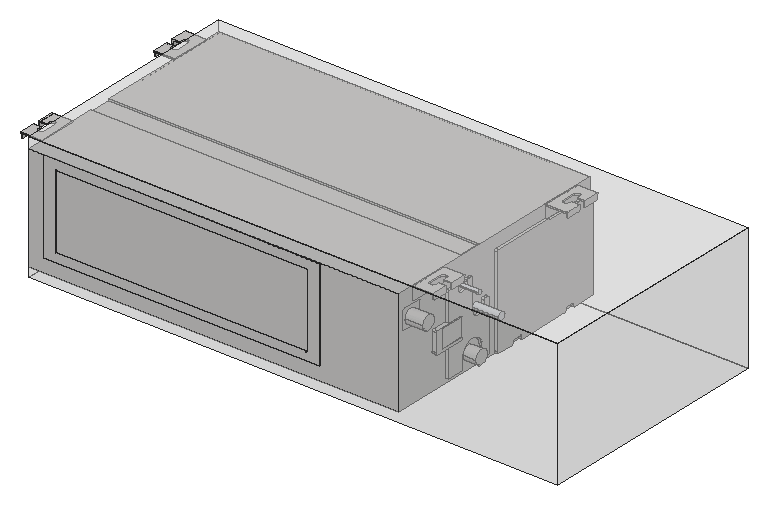
Revit family "outputfile", category 機械設備, Revit 2024
Family settings
  丸型コネクタ寸法 = 半径を使用
  パーツ タイプ = 標準
  OmniClass 番号 = 23.75.10.24.21.27.27
  OmniClass タイトル = Split System Air Conditioning Units
  作業面ベース = いいえ
  常に垂直 = はい
  ロード時にボイドで切り取り = いいえ
  注釈の向きを維持 = いいえ
  共有 = いいえ
  部屋計算ポイント = はい
Parameters (values of type "FPDSQ32APVM")
  Description = ""
  製造元 = "Daikin"
  書き出し IFC クラス(タイプ) = "IfcUnitaryEquipmentType"
  定義済み IFC タイプ(タイプ) = "AIRCONDITIONINGUNIT"
  Cost = 0
  モデル = "FPDSQ32APVM"
  Type Comments = ""
  Keynote = ""
  Type Image = (empty or 0)
  Assembly Code = ""
  lw_suctionflange = 36.75 mm  # constant formula
  r_Liquid Pipe Size = Liquid Pipe Size / 2  # 3.2 mm
  r_Gas Pipe Size = Gas Pipe Size / 2  # 6.35 mm
  r_Drain Pipe Size = Drain Pipe Size / 2  # 13.0 mm
  lw_dischargeflange = 60.0 mm  # constant formula
  lw_SA_left = 351.0 mm
  lw_SA = Width - 178.0 mm  # 522.0 mm
  lw_RA = 624.5 mm
  lh_suctionflange [instance] = if(Rear Connection_Return Air, -100.0 mm, -10.0 mm)  # -100.0 mm
  lh_power = 100.0 mm  # constant formula
  lh_mountinghole1 = lh_mountinghole  # 200.0 mm
  lh_dischargeflange = 112.0 mm  # constant formula
  lh_RA = 198.0 mm  # constant formula
  ld_dischargeflange = 225.0 mm  # constant formula
  ld_suctionflange [instance] = if(Rear Connection_Return Air, 190.0 mm, 100.0 mm)  # 190.0 mm
  angle_vertical_RA [instance] = if(Rear Connection_Return Air, 90.00°, 0.00°)  # 90.00°
  angle horizontal_RA [instance] = if(Rear Connection_Return Air, 180.00°, 270.00°)  # 180.00°
  Voltage_comment_60Hz = "220-230"
  Voltage_comment_50Hz = "220 - 240"
  Voltage_60Hz = 220 V
  Voltage_50Hz = 230 V
  URL = ""
  Supply Air Direction [instance] = yes
  Sound Power Level_H speed (dB) = 0
  Rear Connection_Return Air [instance] = not(Bottom Connection_Return Air)  # yes
  ld_RA = 190.0 mm  # constant formula
  Phase_60Hz = 1
  Phase_50Hz = 1
  Minimum External Static Pressure = 0.00 Pa
  Minimum Circuit Amps_60Hz = 0.48 A
  Minimum Circuit Amps_50Hz = 0.48 A
  Maximum Fuse Amps_60Hz = 16.0 A
  Maximum Fuse Amps_50Hz = 16.0 A
  Maximum External Static Pressure = 10.00 Pa
  Material_Casing = DAIKIN_GalvanizedSteel_Casing_indoorunit
  lw_mountinghole = 740.0 mm
  lh_gaspipe = -98.0 mm  # constant formula
  lh_mountinghole = 200.0 mm  # constant formula
  lh_liquidpipe = -45.5 mm  # constant formula
  lh_drainpipe = -50.0 mm  # constant formula
  lh_antena = 1.0 mm  # constant formula
  ld_drainpipe = 197.0 mm  # constant formula
  ld_liquidpipe = 84.0 mm  # constant formula
  ld_gaspipe = 46.5 mm  # constant formula
  ld_mountinghole = 315.0 mm  # constant formula
  h*** = 100.0 mm  # constant formula
  lw_liquidpipe = 40.0 mm  # constant formula
  lw_gaspipe = 51.0 mm  # constant formula
  lw_drainpipe = 33.0 mm  # constant formula
  Width = 700.0 mm
  Version = "ver.1.0"
  Unit Type = "Intelligent 3D Air Flow Ceiling Mounted Duct Type"
  Unit Mass Weight = 17.00 kg
  Unit Designation [instance] = ""
  Uniclass2015Version = "Products v1.30"
  Uniclass2015Title = "Variable refrigerant flow units"
  Uniclass2015Code = "Pr_70_65_03_94"
  Total Cooling Capacity [instance] = 0.000 kW
  Sound Pressure Level_M speed (dBA) = 30
  Sound Pressure Level_L speed (dBA) = 27
  Sound Pressure Level_H speed (dBA) = 34
  Series = "VRV HOME_Fan Coil Unit"
  Sensible Cooling Capacity [instance] = 0.000 kW
  SA Duct Size Width = 456.0 mm
  SA Duct Size Height = 141.0 mm
  Refrigerant Type = "R410A"
  RA Duct Size Width = 598.5 mm
  RA Duct Size Height = 172.0 mm
  Power Input (Cooling) = 0.032 kW
  Option Accessory 3 [instance] = ""
  Option Accessory 2 [instance] = ""
  Option Accessory 1 [instance] = ""
  Nominal Cooling Capacity = 3.600 kW
  Minimum Airflow = 432.00 m³/h
  Median Airflow = 516.00 m³/h
  Maximum Airflow = 600.00 m³/h
  Load Classification = HVAC
  Liquid Pipe Size = 6.4 mm
  Link_Nested Family [instance] = ""
  IfcVersion = ""
  IfcExportType = "AIRCONDITIONINGUNIT"
  IfcExportAs = "IfcUnitaryEquipmentType"
  Height = 200.0 mm
  Heat Exchanger Type = "Cross Fin Coil"
  Gas Pipe Size = 12.7 mm
  Frequency_60Hz = 60 Hz
  Frequency_50Hz = 50 Hz
  Fan Type = "Sirocco Fan"
  Fan Drive = "Direct Drive"
  FCU Tag No. [instance] = ""
  Drain Pipe Size = 26.0 mm
  Design Supply Airflow [instance] = 0.00 m³/h
  Design Return Airflow [instance] = 0.00 m³/h
  Design External Static Pressure [instance] = 0.00 Pa
  Depth = 450.0 mm
  既定の高さ = 0.0 mm
  Cooling Entering Wet Bulb Temperature [instance] = 0.00 °C
  Cooling Entering Dry Bulb Temperature [instance] = 0.00 °C
  Cooling Ambient Wet Bulb Temperature [instance] = 0.00 °C
  Cooling Ambient Dry Bulb Temperature [instance] = 0.00 °C
  Clearance visibility [instance] = yes
  Clearance Top = 20.0 mm
  Clearance Right = 300.0 mm
  Clearance Rear = 0.0 mm
  Clearance Left = 0.0 mm
  Clearance Front = 0.0 mm
  Clearance Bottom = 20.0 mm
  Bottom Connection_Return Air [instance] = no
  left_pipe = no
Reference planes
  plane 1 "Center (Front/Back)": y = 0
  plane 2 "h": z = 0
  plane 3 "Center (Left/Right)": x = 0
  plane 4 "Back": y = 225
  plane 5 "Front": y = -225
  plane 6 "Left": x = -350
  plane 7 "Reight": x = 350
  plane 8 "Top": z = 0
  plane 9 "Bottom": z = -200
  plane 10: z = 1.2
  plane 11: z = -2
  plane 12: y = -136.255
  plane 13: z = -130.998
  plane 14: y = -88.831
  plane 15: x = -370
  plane 16 "lh_mountinghole": z = 0
  plane 17: y = -197
  plane 18: z = -50
  plane 19: y = -157.5
  plane 20: y = 157.5
  plane 21 "ld_liquidpipe": y = -84
  plane 22 "ld_gaspipe": y = -46.5
  plane 23: y = -215
  plane 24 "ld_maintenacesocket": y = -197
  plane 25: x = -370
  plane 26: x = -350
  plane 27: x = 348.7
  plane 28: x = 383
  plane 29: x = 357
  plane 30: x = 360
  plane 31: x = 358
  plane 32: x = 370
  plane 33: y = -62
  plane 34: x = 375.5
  plane 35: x = 348
  plane 36: y = 225
  plane 37: y = -225
  plane 38: x = -350
  plane 39: x = 650
  plane 40: z = 20
  plane 41: z = -220
  plane 42: y = 250
  plane 43: z = -198
  plane 44: z = 205.102
  plane 45 "d_liquid_pipe": x = 390
  plane 46 "d_gas_pipe": x = 401
  plane 47 "ld_SA": y = -225
  plane 48: x = -350
  plane 49: x = -60
  plane 50: y = 415
  plane 51: z = -88
  plane 52: z = -189.5
  plane 53: x = -349
  plane 54: z = -199
  plane 55: z = -1
  plane 56: y = 35
  plane 57: y = 25
  plane 58: z = -10
  plane 59 "RA_width": x = -36.75
  plane 60: y = 125
  plane 61 "RA_depth": y = 35
  plane 62: z = -100
  plane 63: x = -349
  plane 64: y = 224
  plane 65: x = 242.57
  plane 66: z = -31.16
  plane 67: x = 302
  plane 68: y = 158.8
  plane 69 "h86.5": z = -113.5
  plane 70: y = 111
Forms (mm)
  Extrusion 1, solid, material "DAIKIN_GalvanizedSteel_Casing_indoorunit" <- "Material_Casing"
    sketch origin (0, 0, 0) x (1, 0, 0) y (0, 1, 0)
      loop
        line (-350, 225) -> (-350, -225) -> (350, -225) -> (350, 225) -> (-350, 225)
    from -200 to 0
  Extrusion 2, solid, material "DAIKIN_GalvanizedSteel_Casing_indoorunit" <- "Material_Casing"
    sketch origin (0, 0.312, 0) x (0, 1, 0) y (0, 0, 1)
      loop
        line (182.791, -198) -> (224.688, -198) -> (224.688, -22.445) -> (195.656, -22.445) -> (192.165, -25.937) -> (122.336, -25.937) -> (118.844, -22.445) -> (1.633, -22.445)
        arc (1.633, -22.445) -> (-0.483, -23.322) -> (-1.36, -25.438) r 2.993
        line (-1.36, -25.438) -> (-1.36, -195.007)
        arc (-1.36, -195.007) -> (-0.483, -197.123) -> (1.633, -198) r 2.993
        line (1.633, -198) -> (31.061, -198)
        arc (31.061, -198) -> (33.177, -197.124) -> (34.053, -195.008) r 2.992
        line (34.053, -195.008) -> (34.053, -188.29)
        arc (34.053, -188.29) -> (35.55, -186.794) -> (37.046, -188.29) r 1.496
        line (37.046, -188.29) -> (37.046, -190.333) -> (52.01, -190.333) -> (52.01, -188.29)
        arc (52.01, -188.29) -> (53.506, -186.794) -> (55.002, -188.29) r 1.496
        line (55.002, -188.29) -> (55.002, -195.007)
        arc (55.002, -195.007) -> (55.879, -197.123) -> (57.995, -198) r 2.993
        line (57.995, -198) -> (155.756, -198)
        arc (155.756, -198) -> (157.872, -197.123) -> (158.749, -195.007) r 2.993
        line (158.749, -195.007) -> (158.749, -188.29)
        arc (158.749, -188.29) -> (160.245, -186.794) -> (161.741, -188.29) r 1.496
        line (161.741, -188.29) -> (161.741, -190.333) -> (176.705, -190.333) -> (176.705, -188.29)
        arc (176.705, -188.29) -> (178.201, -186.794) -> (179.697, -188.29) r 1.496
        line (179.697, -188.29) -> (179.697, -195.005)
        arc (179.697, -195.005) -> (180.571, -197.115) -> (182.682, -197.989) r 2.984
      loop
        arc (-61.313, -42.952) -> (-62.034, -41.571) -> (-63.466, -40.958) r 2.32
        line (-63.466, -40.958) -> (-70.317, -40.958)
        arc (-70.317, -40.958) -> (-71.728, -41.542) -> (-72.313, -42.953) r 1.995
        line (-72.313, -42.953) -> (-72.313, -45.5)
        arc (-72.313, -45.5) -> (-84.313, -57.5) -> (-96.313, -45.5) r 12
        line (-96.313, -45.5) -> (-96.313, -42.953)
        arc (-96.313, -42.953) -> (-96.897, -41.542) -> (-98.308, -40.958) r 1.995
        line (-98.308, -40.958) -> (-115.14, -40.958)
        arc (-115.14, -40.958) -> (-116.551, -41.542) -> (-117.135, -42.953) r 1.995
        line (-117.135, -42.953) -> (-117.135, -189.5) -> (-22.307, -189.5) -> (-22.307, -92.768)
        arc (-22.307, -92.768) -> (-22.891, -91.358) -> (-24.302, -90.773) r 1.995
        line (-24.302, -90.773) -> (-30.318, -90.773)
        arc (-30.318, -90.773) -> (-31.728, -91.358) -> (-32.313, -92.768) r 1.995
        line (-32.313, -92.768) -> (-32.313, -99.963)
        arc (-32.313, -99.963) -> (-47.621, -112.774) -> (-61.313, -98.249) r 14.551
        line (-61.313, -98.249) -> (-61.313, -42.952)
    from 350 to 357
  Extrusion 3, solid, material "DAIKIN_GalvanizedSteel_Casing_indoorunit" <- "Material_Casing"
    sketch origin (0, 0, 0) x (0, 1, 0) y (0, 0, 1)
      loop
        line (-91.821, -94.277) -> (-145.472, -94.277)
        arc (-145.472, -94.277) -> (-147.727, -95.07) -> (-148.682, -97.262) r 2.993
        line (-148.682, -97.262) -> (-148.682, -131.007)
        arc (-148.682, -131.007) -> (-147.871, -133.233) -> (-145.694, -134.172) r 2.993
        line (-145.694, -134.172) -> (-92.043, -134.172)
        arc (-92.043, -134.172) -> (-89.788, -133.378) -> (-88.833, -131.187) r 2.993
        line (-88.833, -131.187) -> (-88.831, -97.148)
        arc (-88.831, -97.148) -> (-89.748, -95.111) -> (-91.821, -94.277) r 2.993
    from 350 to 360
  Extrusion 4, void
    sketch origin (0, 0, 0) x (1, 0, 0) y (0, 1, 0)
      loop
        line (348.7, -35.647) -> (-350, -35.647) -> (-350, -77.912) -> (348.7, -77.912) -> (348.7, -35.647)
    from -2 to 0
  Extrusion 5, void
    sketch origin (0, 0, 0) x (0, 1, 0) y (0, 0, 1)
      loop
        line (-136.255, -95.719) -> (-136.255, -130.724) -> (-88.831, -130.724) -> (-88.831, -95.719) -> (-136.255, -95.719)
    from 358 to 360
  Extrusion 6, void
    sketch origin (0, 0, 29.537) x (0, 1, 0) y (0, 0, 1)
      loop
        arc (-37.558, -199.001) -> (-61.998, -174.561) -> (-86.438, -199.001) r 24.44
        line (-86.438, -199.001) -> (-86.438, -219.037) -> (-37.558, -219.037) -> (-37.558, -199.001)
    from 357 to 350
  Extrusion 7, solid, material "DAIKIN_GalvanizedSteel_Casing_indoorunit" <- "Material_Casing"
    sketch origin (0, 0, 0) x (0, 1, 0) y (0, 0, 1)
      loop
        circle (-62, -170) r 12.968
    from 350 to 375.5
  Extrusion 8, solid, material "DAIKIN_GalvanizedSteel_Casing_indoorunit" <- "Material_Casing"
    sketch origin (0, 0, 0) x (0, 1, 0) y (0, 0, 1)
      loop
        circle (-197, -50) r 13
    from 348 to 383
  Extrusion 9, void
    sketch origin (0, 0, 0) x (0, 1, 0) y (0, 0, 1)
      loop
        arc (-212.961, -29.051) -> (-216.488, -30.512) -> (-217.949, -34.039) r 4.988
        line (-217.949, -34.039) -> (-217.949, -63.961)
        arc (-217.949, -63.961) -> (-216.488, -67.488) -> (-212.961, -68.949) r 4.988
        line (-212.961, -68.949) -> (-181.039, -68.949)
        arc (-181.039, -68.949) -> (-177.512, -67.488) -> (-176.051, -63.961) r 4.988
        line (-176.051, -63.961) -> (-176.051, -34.039)
        arc (-176.051, -34.039) -> (-177.512, -30.512) -> (-181.039, -29.051) r 4.988
        line (-181.039, -29.051) -> (-212.961, -29.051)
    from 348 to 350
  Extrusion 10, solid
    sketch origin (0, 0, 0) x (0, 1, 0) y (0, 0, 1)
      loop
        circle (-84, -45.5) r 3.2
    from 350 to 390
  Extrusion 11, solid
    sketch origin (0, 0, 0) x (0, 1, 0) y (0, 0, 1)
      loop
        circle (-46.5, -98) r 6.35
    from 350 to 401
  Extrusion 12, solid, material "DAIKIN_GalvanizedSteel_Casing_indoorunit" <- "Material_Casing"
    sketch origin (0, 0, 0) x (1, 0, 0) y (0, 1, 0)
      loop
        circle (302, 158.8) r 25
    from -198 to -200
  Extrusion 13, void
    sketch origin (0, 0, 0) x (1, 0, 0) y (0, 0, 1)
      loop
        line (-349, -1) -> (-349, -199) -> (262.5, -199) -> (262.5, -1) -> (-349, -1)
    from -225 to -35
  Extrusion 14, void
    sketch origin (0, 0, 0) x (1, 0, 0) y (0, 1, 0)
      loop
        line (-349, 224) -> (-349, 26) -> (262.5, 26) -> (262.5, 224) -> (-349, 224)
    from -200 to -10
  Extrusion 15, solid, material "DAIKIN_GalvanizedSteel_Casing_indoorunit" <- "Material_Casing", visible <- "Rear Connection_Return Air"
    sketch origin (0, 0, 0) x (1, 0, 0) y (0, 1, 0)
      loop
        line (262.5, 224) -> (-349, 224) -> (-349, 26) -> (262.5, 26) -> (262.5, 224)
    from -200 to -199
  Extrusion 16, solid, material "DAIKIN_GalvanizedSteel_Casing_indoorunit" <- "Material_Casing", visible <- "Bottom Connection_Return Air"
    sketch origin (0, 0, 0) x (1, 0, 0) y (0, 0, 1)
      loop
        line (262.5, -1) -> (-349, -1) -> (-349, -199) -> (262.5, -199) -> (262.5, -1)
    from -225 to -215
  Extrusion 17, void
    sketch origin (-350, 0, 0) x (0, 1, 0) y (0, 0, 1)
      loop
        line (152, -88.5) -> (70, -88.5) -> (70, -138.5) -> (152, -138.5) -> (152, -88.5)
    from 0 to 0.5
  Revolve 18, solid, material "DAIKIN_GalvanizedSteel_Casing_indoorunit" <- "Material_Casing", visible <- "left_pipe"
    sketch origin (0, 0, -113.5) x (0, 1, 0) y (-1, 0, 0)
      loop
        line (111, 349.5) -> (111, 373) -> (103.5, 373) -> (103.5, 359) -> (93.5, 359) -> (93.5, 357.5) -> (90, 357.5) -> (90, 349.5) -> (111, 349.5)
      axis (111, 373) -> (111, 349.5)
    angle from 0 to 360
Cuts and joins
  Extrusion 4, Extrusion 5, Extrusion 9, Extrusion 13, Extrusion 14, Extrusion 17 cuts Extrusion 1
  Extrusion 5 cuts Extrusion 3
  Extrusion 6 cuts Extrusion 2
  Extrusion 13 cuts Extrusion 8
Dimensions and locks
  "Height": plane 8 "Top" to plane 9 "Bottom"
  locked: plane 10 to plane 8 "Top" at 1.2
  locked: plane 8 "Top" to plane 11 at 2
  locked: Extrusion 6 sketch curve to Extrusion 6 sketch curve at 48.881
  locked: Extrusion 6 sketch curve to Extrusion 6 sketch curve at 20.035  (x2)
  equal spacing: plane 19, plane 1 "Center (Front/Back)", plane 20
  "ld_mountinghole": plane 19 to plane 20
  "ld_gaspipe": plane 22 "ld_gaspipe" to plane 1 "Center (Front/Back)"
  "ld_liquidpipe": plane 21 "ld_liquidpipe" to plane 1 "Center (Front/Back)"
  "ld_drainpipe": plane 24 "ld_maintenacesocket" to plane 1 "Center (Front/Back)"
  equal spacing: plane 4 "Back", plane 1 "Center (Front/Back)", plane 5 "Front"
  "Depth": plane 4 "Back" to plane 5 "Front"
  locked: plane 12 to plane 1 "Center (Front/Back)" at 136.255
  locked: plane 12 to plane 14 at 47.425
  locked: plane 14 to plane 1 "Center (Front/Back)" at 88.831
  locked: plane 13 to plane 9 "Bottom" at 69.002
  equal spacing: plane 6 "Left", plane 3 "Center (Left/Right)", plane 7 "Reight"
  "Width": plane 6 "Left" to plane 7 "Reight"
  "lw_drainpipe": plane 7 "Reight" to plane 28
  locked: plane 7 "Reight" to plane 29 at 7
  locked: plane 30 to plane 28 at 23
  locked: plane 31 to plane 28 at 25
  equal spacing: plane 25, plane 3 "Center (Left/Right)", plane 32
  "lw_mountinghole": plane 25 to plane 32
  locked: plane 7 "Reight" to plane 34 at 25.5
  locked: plane 35 to plane 7 "Reight" at 2
  "Clearance Left": plane 38 to plane 6 "Left"
  "Clearance Right": plane 7 "Reight" to plane 39
  "Clearance Rear": plane 36 to plane 4 "Back"
  "Clearance Front": plane 5 "Front" to plane 37
  "Clearance Top": plane 40 to plane 8 "Top"
  "Clearance Bottom": plane 9 "Bottom" to plane 41
  locked: plane 42 to plane 4 "Back" at 25
  locked: plane 27 to plane 7 "Reight" at 1.3
  locked: plane 43 to plane 9 "Bottom" at 2
  "lw_liquidpipe": plane 7 "Reight" to plane 45 "d_liquid_pipe"
  "lw_gaspipe": plane 7 "Reight" to plane 46 "d_gas_pipe"
  "lh_mountinghole": plane 16 "lh_mountinghole" to plane 9 "Bottom"
  "ld_suctionflange": plane 50 to plane 4 "Back"
  "lw_dischargeflange": plane 49 to plane 3 "Center (Left/Right)"
  "lh_dischargeflange": plane 51 to plane 9 "Bottom"
  locked: plane 52 to plane 9 "Bottom" at 10.5
  locked: plane 33 to plane 1 "Center (Front/Back)" at 62
  locked: plane 8 "Top" to plane 55 at 1
  locked: plane 53 to plane 6 "Left" at 1
  locked: plane 54 to plane 9 "Bottom" at 1
  locked: plane 58 to plane 9 "Bottom" at 190
  locked: plane 4 "Back" to plane 56 at 190
  locked: plane 4 "Back" to plane 57 at 200
  locked: plane 4 "Back" to plane 60 at 100
  "lw_suctionflange": plane 59 "RA_width" to plane 3 "Center (Left/Right)"
  "ld_suctionflange": plane 4 "Back" to plane 61 "RA_depth"
  "lh_power": plane 62 to plane 9 "Bottom"
  locked: plane 48 to plane 63 at 1
  locked: plane 36 to plane 64 at 1
  locked: plane 8 "Top" to plane 66 at 31.16
  locked: plane 7 "Reight" to plane 65 at 107.43
  locked: plane 18 to plane 9 "Bottom" at 150
  locked: plane 67 to plane 7 "Reight" at 48
  locked: Extrusion 17 sketch curve to Extrusion 17 sketch curve at 82
  locked: Extrusion 17 sketch curve to Extrusion 17 sketch curve at 50
  locked: plane 4 "Back" to Extrusion 17 sketch curve at 73
  locked: Extrusion 17 sketch curve to plane 9 "Bottom" at 61.5
  locked: plane 69 "h86.5" to plane 9 "Bottom" at 86.5
  locked: plane 4 "Back" to plane 70 at 114
  locked: plane 70 to Revolve 18 sketch curve at 21
  locked: plane 70 to Revolve 18 sketch curve at 17.5
  locked: plane 70 to Revolve 18 sketch curve at 7.5
  locked: Revolve 18 sketch curve to plane 6 "Left" at 23
  cut or joined group of Extrusion 1, Extrusion 4, Extrusion 5, Extrusion 9, Extrusion 13, Extrusion 14, Extrusion 17 to nested 16 = 598.5 mm
  nested 16 to nested 9 = 14.0 mm
  nested 16 to cut or joined group of Extrusion 1, Extrusion 4, Extrusion 5, Extrusion 9, Extrusion 13, Extrusion 14, Extrusion 17 = 13.0 mm
  "ld_dischargeflange": plane 47 "ld_SA" to plane 1 "Center (Front/Back)"
  plane 4 "Back" to plane 68 = 66.2 mm
  "Drain Pipe Size": diameter of Extrusion 8 sketch curve
  "Liquid Pipe Size": diameter of Extrusion 10 sketch curve
  "Gas Pipe Size": diameter of Extrusion 11 sketch curve
  aligned and locked: level to plane 2 "h"
  aligned and locked: plane 8 "Top" to Extrusion 1
  aligned and locked: Extrusion 1 to plane 9 "Bottom"
  aligned and locked: cut or joined group of Extrusion 1, Extrusion 4, Extrusion 5, Extrusion 9, Extrusion 13, Extrusion 14, Extrusion 17 to plane 8 "Top"
  aligned and locked: Extrusion 4 to plane 11
  aligned and locked: plane 8 "Top" to Extrusion 4
  aligned and locked: Extrusion 3 to Extrusion 5
  aligned and locked: plane 14 to Extrusion 5 sketch curve
  aligned and locked: Extrusion 5 sketch curve to plane 12
  aligned and locked: plane 19 to nested 1
  aligned and locked: nested 3 to plane 19
  aligned and locked: nested 2 to plane 20
  aligned and locked: nested 4 to plane 22 "ld_gaspipe"
  aligned and locked: nested 5 to plane 21 "ld_liquidpipe"
  aligned and locked: nested 6 to plane 24 "ld_maintenacesocket"
  aligned and locked: plane 4 "Back" to cut or joined group of Extrusion 2, Extrusion 6
  aligned and locked: nested 1 to plane 7 "Reight"
  aligned and locked: plane 6 "Left" to plane 26
  aligned and locked: Extrusion 4 sketch curve to plane 26
  aligned and locked: Extrusion 4 sketch curve to plane 27
  aligned and locked: cut or joined group of Extrusion 1, Extrusion 4, Extrusion 5, Extrusion 9, Extrusion 13, Extrusion 14, Extrusion 17 to plane 6 "Left"
  aligned and locked: plane 7 "Reight" to cut or joined group of Extrusion 1, Extrusion 4, Extrusion 5, Extrusion 9, Extrusion 13, Extrusion 14, Extrusion 17
  aligned and locked: plane 28 to Extrusion 8
  aligned and locked: Extrusion 8 to plane 28  (x2)
  aligned and locked: cut or joined group of Extrusion 2, Extrusion 6 to plane 29
  aligned and locked: plane 29 to cut or joined group of Extrusion 2, Extrusion 6  (x3)
  aligned and locked: plane 7 "Reight" to nested 1
  aligned and locked: cut or joined group of Extrusion 2, Extrusion 6 to plane 7 "Reight"
  aligned and locked: Extrusion 2 to Extrusion 6
  aligned and locked: Extrusion 6 to plane 7 "Reight"
  aligned and locked: plane 30 to cut or joined group of Extrusion 3, Extrusion 5
  aligned and locked: cut or joined group of Extrusion 3, Extrusion 5 to plane 31
  aligned and locked: nested 2 to plane 6 "Left"
  aligned and locked: nested 3 to plane 6 "Left"
  aligned and locked: plane 33 to Extrusion 7 sketch curve
  aligned and locked: Extrusion 7 to plane 7 "Reight"
  aligned and locked: plane 34 to Extrusion 7
  aligned and locked: Extrusion 3 to plane 7 "Reight"
  aligned and locked: plane 7 "Reight" to Extrusion 9
  aligned and locked: plane 35 to Extrusion 9
  aligned and locked: plane 35 to Extrusion 8
  aligned and locked: plane 20 to nested 7
  aligned and locked: plane 3 "Center (Left/Right)" to nested 8
  aligned and locked: plane 1 "Center (Front/Back)" to nested 8
  aligned and locked: plane 7 "Reight" to nested 7
  aligned and locked: plane 4 "Back" to cut or joined group of Extrusion 1, Extrusion 4, Extrusion 5, Extrusion 9, Extrusion 13, Extrusion 14, Extrusion 17
  aligned and locked: nested 9 to plane 37
  aligned and locked: plane 38 to nested 9
  aligned and locked: plane 39 to nested 9
  aligned and locked: nested 9 to plane 38
  aligned and locked: plane 36 to nested 9
  aligned and locked: plane 40 to nested 9
  aligned and locked: plane 41 to nested 9
  aligned and locked: cut or joined group of Extrusion 1, Extrusion 4, Extrusion 5, Extrusion 9, Extrusion 13, Extrusion 14, Extrusion 17 to plane 9 "Bottom"
  aligned and locked: Extrusion 10 to plane 7 "Reight"
  aligned and locked: plane 45 "d_liquid_pipe" to Extrusion 10
  aligned and locked: plane 22 "ld_gaspipe" to Extrusion 11 sketch curve
  aligned and locked: Extrusion 11 to plane 7 "Reight"
  aligned and locked: plane 46 "d_gas_pipe" to Extrusion 11
  aligned and locked: plane 46 "d_gas_pipe" to nested 4
  aligned and locked: plane 45 "d_liquid_pipe" to nested 5
  aligned and locked: plane 21 "ld_liquidpipe" to Extrusion 10 sketch curve
  aligned and locked: plane 16 "lh_mountinghole" to nested 3
  aligned and locked: plane 16 "lh_mountinghole" to nested 2
  aligned and locked: plane 16 "lh_mountinghole" to nested 1
  aligned and locked: plane 16 "lh_mountinghole" to nested 7
  aligned and locked: plane 32 to nested 10
  aligned and locked: plane 19 to nested 10
  aligned and locked: plane 32 to nested 13
  aligned and locked: plane 20 to nested 13
  aligned and locked: plane 25 to nested 11
  aligned and locked: plane 20 to nested 11
  aligned and locked: plane 25 to nested 12
  aligned and locked: plane 19 to nested 12
  aligned and locked: plane 49 to nested 14
  aligned and locked: plane 51 to nested 14
  aligned and locked: plane 20 to nested 15
  aligned and locked: plane 52 to Extrusion 2 sketch curve
  aligned and locked: cut or joined group of Extrusion 2, Extrusion 6 to Extrusion 12
  aligned and locked: Extrusion 12 to plane 9 "Bottom"
  aligned and locked: nested 15 to plane 9 "Bottom"
  aligned and locked: Extrusion 2 sketch curve to plane 43  (x3)
  aligned and locked: plane 53 to Extrusion 13 sketch curve
  aligned and locked: Extrusion 13 sketch curve to plane 55
  aligned and locked: plane 54 to Extrusion 13 sketch curve
  aligned and locked: plane 4 "Back" to Extrusion 13
  aligned and locked: nested 16 to cut or joined group of Extrusion 1, Extrusion 4, Extrusion 5, Extrusion 9, Extrusion 13, Extrusion 14, Extrusion 17
  aligned and locked: Extrusion 14 to plane 9 "Bottom"
  aligned and locked: plane 58 to Extrusion 14
  aligned and locked: Extrusion 15 sketch curve to cut or joined group of Extrusion 1, Extrusion 4, Extrusion 5, Extrusion 9, Extrusion 13, Extrusion 14, Extrusion 17  (x2)
  aligned and locked: cut or joined group of Extrusion 1, Extrusion 4, Extrusion 5, Extrusion 9, Extrusion 13, Extrusion 14, Extrusion 17 to Extrusion 15 sketch curve
  aligned and locked: Extrusion 15 to plane 9 "Bottom"
  aligned and locked: Extrusion 13 to plane 56
  aligned and locked: Extrusion 16 sketch curve to cut or joined group of Extrusion 1, Extrusion 4, Extrusion 5, Extrusion 9, Extrusion 13, Extrusion 14, Extrusion 17  (x3)
  aligned and locked: plane 4 "Back" to Extrusion 16
  aligned and locked: Extrusion 15 to cut or joined group of Extrusion 1, Extrusion 4, Extrusion 5, Extrusion 9, Extrusion 13, Extrusion 14, Extrusion 17
  aligned and locked: plane 7 "Reight" to nested 6
  aligned and locked: plane 24 "ld_maintenacesocket" to nested 6
  aligned and locked: plane 61 "RA_depth" to nested 17
  aligned and locked: plane 67 to Extrusion 12 sketch curve
  aligned and locked: plane 68 to Extrusion 12 sketch curve
  aligned and locked: plane 67 to nested 15
  aligned and locked: nested 18 to Extrusion 16
  aligned and locked: plane 70 to Revolve 18 sketch curve
  aligned and locked: plane 49 to nested 19
  aligned and locked: plane 47 "ld_SA" to nested 19
  aligned and locked: plane 1 "Center (Front/Back)" to nested 14
  aligned and locked: nested 19 to plane 51
Automatic sketch dimensions
  Extrusion 3 sketch curve to Extrusion 3 sketch curve = 0.217 mm  (x2)
  Extrusion 3 sketch curve to Extrusion 3 sketch curve = 2.985 mm  (x2)
  Extrusion 3 sketch curve to Extrusion 3 sketch curve = 53.651 mm
  Extrusion 3 sketch curve to Extrusion 3 sketch curve = 2.988 mm
  Extrusion 3 sketch curve to Extrusion 3 sketch curve = 0.172 mm
  Extrusion 3 sketch curve to Extrusion 3 sketch curve = 0.222 mm
  Extrusion 3 sketch curve to Extrusion 3 sketch curve = 2.993 mm
  Extrusion 3 sketch curve to Extrusion 3 sketch curve = 0.008 mm
  plane 1 "Center (Front/Back)" to Extrusion 4 sketch curve = 77.912 mm
  plane 1 "Center (Front/Back)" to Extrusion 4 sketch curve = 35.647 mm
  plane 9 "Bottom" to Extrusion 7 sketch curve = 30.0 mm
  Extrusion 3 sketch curve to Extrusion 3 sketch curve = 2.99 mm
  plane 9 "Bottom" to Extrusion 3 sketch curve = 65.828 mm
  Extrusion 3 sketch curve to Extrusion 3 sketch curve = 33.917 mm
  Extrusion 3 sketch curve to Extrusion 3 sketch curve = 33.745 mm
  Extrusion 3 sketch curve to plane 19 = 8.818 mm
  plane 23 to Extrusion 1 sketch curve = 10.0 mm
  Extrusion 1 sketch curve to plane 6 "Left" = 0.0 mm
  Extrusion 1 sketch curve to plane 7 "Reight" = 0.0 mm
  plane 23 to Extrusion 9 sketch curve = 2.949 mm
  Extrusion 9 sketch curve to plane 23 = 2.039 mm  (x2)
  Extrusion 9 sketch curve to plane 24 "ld_maintenacesocket" = 15.961 mm
  Extrusion 9 sketch curve to Extrusion 9 sketch curve = 4.988 mm  (x2)
  Extrusion 1 sketch curve to plane 4 "Back" = 0.0 mm
  plane 21 "ld_liquidpipe" to Extrusion 6 sketch curve = 2.438 mm
  plane 43 to Extrusion 6 sketch curve = 8.5 mm
  plane 6 "Left" to Extrusion 14 sketch curve = 1.0 mm
  Extrusion 14 sketch curve to plane 7 "Reight" = 87.5 mm
  Extrusion 14 sketch curve to plane 4 "Back" = 1.0 mm
  Extrusion 15 sketch curve to plane 4 "Back" = 1.0 mm
  plane 51 to Extrusion 5 sketch curve = 7.719 mm
  Extrusion 9 sketch curve to plane 51 = 19.051 mm
  Extrusion 9 sketch curve to plane 58 = 24.039 mm
  Extrusion 10 sketch curve to plane 58 = 35.5 mm
  plane 35 to Extrusion 16 sketch curve = 85.5 mm
  plane 35 to Extrusion 13 sketch curve = 85.5 mm
  plane 57 to Extrusion 14 sketch curve = 1.0 mm
  Extrusion 8 sketch curve to plane 17 = 0.0 mm
  Extrusion 8 sketch curve to plane 18 = 0.0 mm
  plane 62 to Extrusion 11 sketch curve = 2.0 mm
  plane 13 to Extrusion 5 sketch curve = 0.274 mm
  Revolve 18 sketch curve to plane 70 = 0.0 mm
  plane 6 "Left" to Revolve 18 sketch curve = 0.5 mm
  Revolve 18 sketch curve to Revolve 18 sketch curve = 24.26 mm
  Revolve 18 sketch curve to Revolve 18 sketch curve = 20.32 mm
  Extrusion 2 sketch curve to plane 4 "Back" = 0.0 mm
  plane 66 to Extrusion 2 sketch curve = 5.223 mm
  Extrusion 2 sketch curve to plane 4 "Back" = 32.523 mm
  plane 43 to Extrusion 2 sketch curve = 2.995 mm
  Extrusion 2 sketch curve to plane 20 = 25.494 mm
  plane 52 to Extrusion 2 sketch curve = 1.21 mm  (x4)
  Extrusion 2 sketch curve to Extrusion 2 sketch curve = 2.984 mm
  Extrusion 2 sketch curve to Extrusion 2 sketch curve = 1.496 mm  (x3)
  Extrusion 2 sketch curve to plane 52 = 0.833 mm  (x2)
  Extrusion 2 sketch curve to plane 20 = 4.554 mm
  plane 20 to Extrusion 2 sketch curve = 1.432 mm
  Extrusion 2 sketch curve to plane 60 = 2.352 mm
  Extrusion 2 sketch curve to Extrusion 2 sketch curve = 3.492 mm
  plane 43 to Extrusion 2 sketch curve = 2.993 mm
  plane 56 to Extrusion 2 sketch curve = 23.307 mm
  plane 56 to Extrusion 2 sketch curve = 2.359 mm
  plane 56 to Extrusion 2 sketch curve = 0.862 mm
  Extrusion 2 sketch curve to plane 56 = 0.634 mm
  Extrusion 2 sketch curve to Extrusion 2 sketch curve = 2.992 mm
  Extrusion 2 sketch curve to plane 1 "Center (Front/Back)" = 1.945 mm  (x2)
  plane 1 "Center (Front/Back)" to Extrusion 2 sketch curve = 1.047 mm
  Extrusion 2 sketch curve to Extrusion 2 sketch curve = 20.947 mm
  Extrusion 2 sketch curve to Extrusion 2 sketch curve = 1.995 mm  (x4)
  Extrusion 2 sketch curve to Extrusion 2 sketch curve = 6.016 mm
  plane 62 to Extrusion 2 sketch curve = 0.037 mm
  Extrusion 2 sketch curve to plane 22 "ld_gaspipe" = 0.051 mm
  Extrusion 2 sketch curve to plane 66 = 11.792 mm
  Extrusion 2 sketch curve to Extrusion 2 sketch curve = 30.995 mm
  Extrusion 2 sketch curve to Extrusion 2 sketch curve = 2.154 mm
  Extrusion 2 sketch curve to Extrusion 2 sketch curve = 0.144 mm
  Extrusion 2 sketch curve to Extrusion 2 sketch curve = 6.708 mm
  plane 21 "ld_liquidpipe" to Extrusion 2 sketch curve = 0.0 mm
  Extrusion 2 sketch curve to plane 66 = 9.798 mm
  Extrusion 2 sketch curve to Extrusion 2 sketch curve = 16.833 mm
  plane 21 "ld_liquidpipe" to Extrusion 2 sketch curve = 32.823 mm
  plane 51 to Extrusion 2 sketch curve = 4.768 mm
  Extrusion 2 sketch curve to Extrusion 2 sketch curve = 2.547 mm
  Extrusion 2 sketch curve to Extrusion 2 sketch curve = 0.321 mm
  plane 66 to Extrusion 2 sketch curve = 5.722 mm
  Extrusion 2 sketch curve to Extrusion 2 sketch curve = 3.491 mm
  Extrusion 2 sketch curve to Extrusion 2 sketch curve = 0.11 mm
  Extrusion 2 sketch curve to Extrusion 2 sketch curve = 0.0 mm
  plane 66 to Extrusion 2 sketch curve = 8.715 mm
  Revolve 18 sketch curve to Revolve 18 sketch curve = 1.5 mm
  Revolve 18 sketch curve to plane 6 "Left" = 7.5 mm
  radius of Extrusion 7 sketch curve = 12.968 mm
  radius of Extrusion 12 sketch curve = 25.0 mm
Nested families
  nested 1: "daikin_hangerfixture_FPDSQ-APVM" at (350, -157.5, 0), type "daikin_hangerfixture_FPDSQ-APVM"
  nested 2: "daikin_hangerfixture_FPDSQ-APVM" at (-350, 157.5, 0) x (-1, 0, 0) z (0, 0, 1), type "daikin_hangerfixture_FPDSQ-APVM"
  nested 3: "daikin_hangerfixture_FPDSQ-APVM" at (-350, -157.5, 0) x (-1, 0, 0) z (0, 0, 1), type "daikin_hangerfixture_FPDSQ-APVM"
  nested 4: "daikin_connector_rotate2" at (350, -46.5, -98) x (0, 1, 0) z (0, 0, 1), length <- "lw_gaspipe", built-in parameter 1001364 <- "lh_gaspipe", type "daikin_connector_rotate2"
    with radius 6.35 mm, length 51.0 mm, angle_vertical 90.00°
  nested 5: "daikin_connector_rotate2" at (350, -84, -45.5) x (0, 1, 0) z (0, 0, 1), length <- "lw_liquidpipe", built-in parameter 1001364 <- "lh_liquidpipe", type "daikin_connector_rotate2"
    with radius 3.2 mm, length 40.0 mm, angle_vertical 90.00°
  nested 6: "daikin_connector_rotate2" at (350, -197, -50) x (0, 1, 0) z (0, 0, 1), length <- "lw_drainpipe", built-in parameter 1001364 <- "lh_drainpipe", type "daikin_connector_rotate2"
    with radius 13.0 mm, length 33.0 mm, angle_vertical 90.00°
  nested 7: "daikin_hangerfixture_FPDSQ-APVM" at (350, 157.5, 0), type "daikin_hangerfixture_FPDSQ-APVM"
  nested 8: "daikin_△_symbolicline" at (0, 0, 200), built-in parameter 1001364 <- "Height", visible <- "Supply Air Direction", type "daikin_△_symbolicline"
    with length 200.0 mm
  nested 9: "daikin_clearancespace" at (150, 0, -99.881), visible <- "Clearance visibility", show <- "Clearance visibility", Link_Nested Family <- "Link_Nested Family", type "daikin_clearancespace"
    with width 1000.0 mm, show yes, height 240.0 mm, depth 450.0 mm, Link_Nested Family ""
  nested 10: "daikin_mountinghole" at (370, -157.5, -200), l_antenna <- "lh_antena", Link_Nested Family <- "Link_Nested Family", h_mountinghole <- "lh_mountinghole1", type "daikin_mountinghole"
    with show yes, l_antenna 1.0 mm, h_mountinghole 200.0 mm, Link_Nested Family ""
  nested 11: "daikin_mountinghole" at (-370, 157.5, -200), l_antenna <- "lh_antena", Link_Nested Family <- "Link_Nested Family", h_mountinghole <- "lh_mountinghole1", type "daikin_mountinghole"
    with show yes, l_antenna 1.0 mm, h_mountinghole 200.0 mm, Link_Nested Family ""
  nested 12: "daikin_mountinghole" at (-370, -157.5, -200), l_antenna <- "lh_antena", Link_Nested Family <- "Link_Nested Family", h_mountinghole <- "lh_mountinghole1", type "daikin_mountinghole"
    with show yes, l_antenna 1.0 mm, h_mountinghole 200.0 mm, Link_Nested Family ""
  nested 13: "daikin_mountinghole" at (370, 157.5, -200), l_antenna <- "lh_antena", Link_Nested Family <- "Link_Nested Family", h_mountinghole <- "lh_mountinghole1", type "daikin_mountinghole"
    with show yes, l_antenna 1.0 mm, h_mountinghole 200.0 mm, Link_Nested Family ""
  nested 14: "daikin_connector_rotate2" at (-60, 0, -88), length <- "ld_dischargeflange", type "daikin_connector_rotate2"
    with radius 10.0 mm, length 225.0 mm, angle_vertical 90.00°
  nested 15: "daikin_connector_rotate2" at (302, 157.5, -100) x (1, 0, 0) z (0, -1, 0), length <- "lh_power", type "daikin_connector_rotate2"
    with radius 10.0 mm, length 100.0 mm, angle_vertical 90.00°
  nested 16: "daikin_ductflange_FPDSQ-APVM2" at (-36.75, 225, -199), height <- "lh_RA", width <- "lw_RA", visible <- "Rear Connection_Return Air", type "daikin_ductflange_FPDSQ-APVM2"
    with width 624.5 mm, height 198.0 mm, depth 8.188 mm
  nested 17: "daikin_connector_rotate3" at (-36.75, 35, -100), built-in parameter 1001364 <- "lh_suctionflange", length <- "ld_RA", angle_vertical <- "angle_vertical_RA", angle_horizontal <- "angle horizontal_RA", type "daikin_connector_rotate3"
    with show no, radius 10.0 mm, length 190.0 mm, angle_vertical 90.00°, angle_horizontal 180.00°
  nested 18: "daikin_ductflange_FPDSQ-APVM2" at (-36.75, 26, -200) x (1, 0, 0) z (0, 1, 0), width <- "lw_RA", height <- "lh_RA", visible <- "Bottom Connection_Return Air", type "daikin_ductflange_FPDSQ-APVM2"
    with width 624.5 mm, height 198.0 mm, depth 562.323 mm
  nested 19: "daikin_ductflange_FPDSQ-APVM3" at (-60, -225, -187), height <- "lh_RA", width <- "lw_SA", type "daikin_ductflange_FPDSQ-APVM3"
    with width 522.0 mm, height 198.0 mm, depth 1.0 mm
Connectors
  piping at (401, -46.5, -98), diameter 12.7, driven by "r_Gas Pipe Size"
    settings: on nested 4, index 3, connector inside diameter 609.6 mm, connector length 0.0 mm, flow factor 0, pipe flow 0.00 m³/h, pressure drop 0.0 Pa, fitting loss kfactor 0, connector angle 0.00°, fixture units 0, engagement length 0.0 mm, angle of deflection 0.00°, flow configuration 1, flow direction 2, fitting loss method 0, system type 29, joint type 0, gender type 0, connector reference index -1, connector utility 0, adjustable connector no, is connector primary yes, connector description "Refrigerant Gas Piping"
  piping at (390, -84, -45.5), diameter 6.4, driven by "r_Liquid Pipe Size"
    settings: on nested 5, index 4, connector inside diameter 609.6 mm, connector length 0.0 mm, flow factor 0, pipe flow 0.00 m³/h, pressure drop 0.0 Pa, fitting loss kfactor 0, connector angle 0.00°, fixture units 0, engagement length 0.0 mm, angle of deflection 0.00°, flow configuration 1, flow direction 1, fitting loss method 0, system type 29, joint type 0, gender type 0, connector reference index -1, connector utility 0, adjustable connector no, is connector primary no, connector description "Refrigerant Liquid Piping"
  piping at (383, -197, -50), diameter 26, driven by "r_Drain Pipe Size"
    settings: on nested 6, index 5, connector inside diameter 609.6 mm, connector length 0.0 mm, flow factor 0, pipe flow 0.00 m³/h, pressure drop 0.0 Pa, fitting loss kfactor 0, connector angle 0.00°, fixture units 0, engagement length 0.0 mm, angle of deflection 0.00°, flow configuration 1, flow direction 2, fitting loss method 4, system type 16, joint type 0, gender type 0, connector reference index -1, connector utility 0, adjustable connector no, is connector primary no, connector description "Condensate Drain Piping"
  electrical at (302, 157.5, -200), driven by "Load Classification"
    settings: on nested 15, index 12, voltage 0 V, apparent load 0 VA, apparent load phase1 0 VA, apparent load phase2 0 VA, apparent load phase3 0 VA, power factor 1, load classification "HVAC", number of poles 1, system type 30, power factor state 1, is connector primary yes, connector utility no, sub classification motor no, connector description "Power Supply"
  hvac at (-36.75, 225, -100), driven by "RA Duct Size Height", driven by "RA Duct Size Width"
    settings: on nested 17, index 13, duct flow 0.00 m³/h, flow factor 0, pres drop 0.00 Pa, loss coef 0, conn angle 0.00°, conn width 598.5 mm, conn height 172.0 mm, conn diameter 609.6 mm, duct sys type 2, conn prof type 1, flow config 0, flow direction 1, loss method 4, conn ref index -1, conn util no, is conn primary yes, conn desc "RA Duct"
  hvac at (-60, -225, -88), driven by "SA Duct Size Height", driven by "SA Duct Size Width"
    settings: on nested 14, index 14, duct flow 0.00 m³/h, flow factor 0, pres drop 0.00 Pa, loss coef 0, conn angle 0.00°, conn width 456.0 mm, conn height 141.0 mm, conn diameter 609.6 mm, duct sys type 1, conn prof type 1, flow config 0, flow direction 2, loss method 4, conn ref index -1, conn util no, is conn primary no, conn desc "SA Duct"
Definition of nested family "daikin_hangerfixture_FPDSQ-APVM"
  Parameters (values of type "daikin_hangerfixture_FXDSQ-AVM")
    width = 40.0 mm
    material = none
    height = 25.0 mm
    depth = 75.0 mm
    Default Elevation = 0.0 mm
  Reference planes
    plane 1 "Center (Front/Back)": y = 0
    plane 2: z = 0
    plane 3 "Center (Left/Right)": x = 0
    plane 4: y = 417.146
    plane 5: z = -1.6
    plane 6: z = -65
    plane 7: z = -12
    plane 8: x = 40
    plane 9: y = 37.5
    plane 10: y = -37.5
    plane 11: y = -41
    plane 12: y = 41
    plane 13: z = -25
    plane 14: x = 1.5
    plane 15: x = 14
    plane 16: x = 26
    plane 17: x = 38
  Forms (mm)
    Extrusion 1, solid, material <- "material"
      sketch origin (0, 0, 0) x (1, 0, 0) y (0, 1, 0)
        loop
          line (0, 37.5) -> (0, -37.5) -> (40, -37.5) -> (40, -6.539) -> (26, -6.539) -> (26, -12.19)
          arc (26, -12.19) -> (20, -18.19) -> (14, -12.19) r 6
          line (14, -12.19) -> (14, 12.19)
          arc (14, 12.19) -> (20, 18.19) -> (26, 12.19) r 6
          line (26, 12.19) -> (26, 6.539) -> (40, 6.539) -> (40, 37.5) -> (0, 37.5)
      from -1.6 to 0
    Extrusion 2, solid, material <- "material"
      sketch origin (0, 0, 0) x (0, 1, 0) y (0, 0, 1)
        loop
          line (37.5, -20.411) -> (37.5, 0) -> (-37.5, 0) -> (-37.5, -20.411)
          arc (-37.5, -20.411) -> (-36.156, -23.656) -> (-32.911, -25) r 4.589
          line (-32.911, -25) -> (32.911, -25)
          arc (32.911, -25) -> (36.156, -23.656) -> (37.5, -20.411) r 4.589
      from 0 to 1.5
    Extrusion 3, solid, material <- "material"
      sketch origin (0, 0, 0) x (0, 1, 0) y (0, 0, 1)
        loop
          line (-6.5, 0) -> (-35, 0) -> (-35, -8)
          arc (-35, -8) -> (-34.121, -10.121) -> (-32, -11) r 3
          line (-32, -11) -> (-9.5, -11)
          arc (-9.5, -11) -> (-7.379, -10.121) -> (-6.5, -8) r 3
          line (-6.5, -8) -> (-6.5, 0)
        loop
          line (6.5, 0) -> (6.5, -8)
          arc (6.5, -8) -> (7.379, -10.121) -> (9.5, -11) r 3
          line (9.5, -11) -> (32, -11)
          arc (32, -11) -> (34.121, -10.121) -> (35, -8) r 3
          line (35, -8) -> (35, 0) -> (6.5, 0)
      from 38 to 40
  Cuts and joins
    joined: Extrusion 1, Extrusion 2, Extrusion 3
  Dimensions and locks
    "width": plane 3 "Center (Left/Right)" to plane 8
    "depth": plane 10 to plane 9
    equal spacing: plane 10, plane 1 "Center (Front/Back)", plane 9
    locked: plane 11 to plane 10 at 3.5
    locked: plane 9 to plane 12 at 3.5
    "height": level to plane 13
    locked: plane 14 to plane 3 "Center (Left/Right)" at 1.5
    plane 3 "Center (Left/Right)" to plane 15 = 14.0 mm
    locked: plane 15 to plane 16 at 12
    locked: plane 8 to plane 17 at 2
    aligned and locked: level to plane 2
    aligned and locked: level to Extrusion 1
    aligned and locked: Extrusion 1 to plane 5
    aligned and locked: Extrusion 1 sketch curve to plane 3 "Center (Left/Right)"
    aligned and locked: Extrusion 1 sketch curve to plane 8  (x2)
    aligned and locked: level to Extrusion 2 sketch curve
    aligned and locked: Extrusion 2 to plane 13
    aligned and locked: plane 14 to Extrusion 2
    aligned and locked: plane 9 to Extrusion 1 sketch curve
    aligned and locked: Extrusion 1 sketch curve to plane 10
    aligned and locked: Extrusion 1 sketch curve to plane 15
    aligned and locked: plane 16 to Extrusion 1 sketch curve  (x2)
    aligned and locked: cut or joined group of Extrusion 1, Extrusion 2, Extrusion 3 to plane 17
  Automatic sketch dimensions
    plane 9 to Extrusion 2 sketch curve = 4.589 mm
    Extrusion 2 sketch curve to plane 7 = 8.411 mm
    Extrusion 2 sketch curve to plane 10 = 4.589 mm
    Extrusion 2 sketch curve to Extrusion 2 sketch curve = 4.589 mm
    Extrusion 2 sketch curve to plane 9 = 0.0 mm
    plane 1 "Center (Front/Back)" to Extrusion 1 sketch curve = 12.19 mm
    Extrusion 1 sketch curve to Extrusion 1 sketch curve = 5.651 mm  (x2)
    Extrusion 1 sketch curve to plane 1 "Center (Front/Back)" = 6.539 mm
    Extrusion 3 sketch curve to level = 0.0 mm  (x2)
    Extrusion 3 sketch curve to plane 10 = 2.5 mm
    plane 7 to Extrusion 3 sketch curve = 1.0 mm  (x2)
    Extrusion 3 sketch curve to Extrusion 3 sketch curve = 3.0 mm  (x2)
    plane 7 to Extrusion 3 sketch curve = 4.0 mm
    plane 1 "Center (Front/Back)" to Extrusion 3 sketch curve = 9.5 mm
    Extrusion 3 sketch curve to plane 1 "Center (Front/Back)" = 6.5 mm
    plane 9 to Extrusion 3 sketch curve = 5.5 mm
    plane 9 to Extrusion 3 sketch curve = 2.5 mm
Definition of nested family "daikin_clearancespace"
  Parameters (values of type "daikin_clearancespace")
    Description = "daikin_clearancespace"
    width [instance] = 1823.963 mm
    show [instance] = yes
    material = none
    height [instance] = 1359.762 mm
    depth [instance] = 880.0 mm
    Default Elevation = 0.0 mm
    Link_Nested Family [instance] = ""
  Reference planes
    plane 1 "Center (Front/Back)": y = 0
    plane 2 "Center (Elevation)": z = -0.119
    plane 3 "Center (Left/Right)": x = 0
    plane 4: y = 440
    plane 5: y = -440
    plane 6 "Right": x = 911.982
    plane 7 "Left": x = -911.982
    plane 8 "Top": z = 679.762
    plane 9 "Bottom": z = -680
  Forms (mm)
    Extrusion 1, solid, material <- "material", visible <- "show"
      sketch origin (0, 0, 0) x (1, 0, 0) y (0, 1, 0)
        loop
          line (-911.982, 440) -> (-911.982, -440) -> (911.982, -440) -> (911.982, 440) -> (-911.982, 440)
      from -680 to 679.762
  Lines and regions (mm)
    symbolic lines, visible <- "show"
      curve 1: line (911.982, 440, 0) -> (-911.982, 440, 0)
      curve 2: line (-911.982, 440, 0) -> (-911.982, -440, 0)
      curve 3: line (-911.982, -440, 0) -> (911.982, -440, 0)
      curve 4: line (911.982, -440, 0) -> (911.982, 440, 0)
      curve 5: line (911.982, 0, 679.762) -> (-911.982, 0, 679.762)
      curve 6: line (911.982, 0, -680) -> (911.982, 0, 679.762)
      curve 7: line (-911.982, 0, -680) -> (911.982, 0, -680)
      curve 8: line (-911.982, 0, 679.762) -> (-911.982, 0, -680)
      curve 9: line (0, 440, 679.762) -> (0, -440, 679.762)
      curve 10: line (0, -440, 679.762) -> (0, -440, -680)
      curve 11: line (0, 440, -680) -> (0, 440, 679.762)
      curve 12: line (0, -440, -680) -> (0, 440, -680)
  Dimensions and locks
    "width": plane 7 "Left" to plane 6 "Right"
    "depth": plane 4 to plane 5
    "height": plane 8 "Top" to plane 9 "Bottom"
    equal spacing: plane 7 "Left", plane 3 "Center (Left/Right)", plane 6 "Right"
    equal spacing: plane 4, plane 1 "Center (Front/Back)", plane 5
    equal spacing: plane 8 "Top", plane 2 "Center (Elevation)", plane 9 "Bottom"
    aligned and locked: level to plane 2 "Center (Elevation)"
    aligned and locked: Extrusion 1 sketch curve to plane 4
    aligned and locked: plane 7 "Left" to Extrusion 1 sketch curve
    aligned and locked: Extrusion 1 sketch curve to plane 5
    aligned and locked: Extrusion 1 sketch curve to plane 6 "Right"
    aligned and locked: plane 8 "Top" to Extrusion 1
    aligned and locked: curve 1 to Extrusion 1
    aligned and locked: curve 2 to Extrusion 1
    aligned and locked: curve 3 to Extrusion 1
    aligned and locked: curve 4 to Extrusion 1
    aligned and locked: curve 5 to Extrusion 1
    aligned and locked: curve 6 to Extrusion 1
    aligned and locked: curve 7 to Extrusion 1
    aligned and locked: curve 8 to Extrusion 1
    aligned and locked: curve 9 to Extrusion 1
    aligned and locked: curve 10 to Extrusion 1
    aligned and locked: curve 11 to Extrusion 1
    aligned and locked: curve 12 to Extrusion 1
    aligned and locked: Extrusion 1 to plane 9 "Bottom"
Definition of nested family "daikin_ductflange_FPDSQ-APVM2"
  Parameters (values of type "daikin_ductflange_FXDSQ-AVM2")
    width [instance] = 625.5 mm
    material = none
    height [instance] = 198.0 mm
    depth [instance] = 1.0 mm
    Default Elevation = 0.0 mm
  Reference planes
    plane 1 "Center (Front/Back)": y = 0
    plane 2: z = 0
    plane 3 "Center (Left/Right)": x = 0
    plane 4: x = -312.75
    plane 5: x = 312.75
    plane 6 "Top": z = 198
    plane 7: y = -1
    plane 8: z = 185
    plane 9: z = 13
    plane 10 "Center (Elevation)": z = 99
    plane 11: x = -299.75
    plane 12: x = 299.75
  Forms (mm)
    Extrusion 1, solid, material <- "material"
      sketch origin (0, 0, 0) x (1, 0, 0) y (0, 0, 1)
        loop
          line (-312.75, 198) -> (-312.75, 0) -> (312.75, 0) -> (312.75, 198) -> (-312.75, 198)
        loop
          line (-299.75, 185) -> (-299.75, 13) -> (299.75, 13) -> (299.75, 185) -> (-299.75, 185)
      from 0 to 1
  Dimensions and locks
    "height": plane 6 "Top" to plane 2
    "width": plane 4 to plane 5
    equal spacing: plane 4, plane 3 "Center (Left/Right)", plane 5
    Extrusion 1 sketch curve to Extrusion 1 sketch curve = 13.0 mm  (x4)
    "depth": plane 7 to plane 1 "Center (Front/Back)"
    locked: plane 6 "Top" to plane 8 at 13
    locked: plane 9 to plane 2 at 13
    equal spacing: plane 6 "Top", plane 10 "Center (Elevation)", plane 2
    locked: plane 11 to plane 4 at 13
    locked: plane 5 to plane 12 at 13
    aligned and locked: level to plane 2
    aligned and locked: Extrusion 1 sketch curve to plane 6 "Top"
    aligned and locked: plane 4 to Extrusion 1 sketch curve
    aligned and locked: Extrusion 1 sketch curve to plane 5
    aligned and locked: plane 2 to Extrusion 1 sketch curve
    aligned and locked: plane 11 to Extrusion 1
    aligned and locked: Extrusion 1 to plane 12
    aligned and locked: Extrusion 1 to plane 8
    aligned and locked: plane 9 to Extrusion 1
    aligned and locked: plane 5 to Extrusion 1
    aligned and locked: Extrusion 1 to plane 4
Definition of nested family "daikin_ductflange_FPDSQ-APVM3"
  Parameters (values of type "daikin_ductflange_FPDSQ-APVM3")
    width [instance] = 620.0 mm
    material = none
    height [instance] = 198.0 mm
    depth [instance] = 1.0 mm
    Default Elevation = 0.0 mm
  Reference planes
    plane 1 "Center (Front/Back)": y = 0
    plane 2: z = 0
    plane 3 "Center (Left/Right)": x = 0
    plane 4: x = -310
    plane 5: x = 310
    plane 6 "Top": z = 198
    plane 7: y = -1
    plane 8: z = 186
    plane 9: z = 12
    plane 10 "Center (Elevation)": z = 99
    plane 11: x = -287
    plane 12: x = 287
    plane 13: z = 28.5
    plane 14: z = 169.5
  Forms (mm)
    Extrusion 1, solid, material <- "material"
      sketch origin (0, 0, -785) x (1, 0, 0) y (0, 0, 1)
        loop
          line (-310, 971) -> (-310, 797) -> (310, 797) -> (310, 971) -> (-310, 971)
        loop
          line (-287, 954.5) -> (-287, 813.5) -> (287, 813.5) -> (287, 954.5) -> (-287, 954.5)
      from 0 to 1
  Dimensions and locks
    "height": plane 6 "Top" to plane 2
    "width": plane 4 to plane 5
    equal spacing: plane 4, plane 3 "Center (Left/Right)", plane 5
    "depth": plane 7 to plane 1 "Center (Front/Back)"
    equal spacing: plane 6 "Top", plane 10 "Center (Elevation)", plane 2
    locked: plane 11 to plane 4 at 23
    locked: plane 5 to plane 12 at 23
    locked: plane 13 to plane 9 at 16.5
    locked: plane 6 "Top" to plane 8 at 12
    locked: plane 8 to plane 14 at 16.5
    locked: plane 14 to plane 13 at 141
    aligned and locked: level to plane 2
    aligned and locked: plane 4 to Extrusion 1 sketch curve
    aligned and locked: Extrusion 1 sketch curve to plane 5
    aligned and locked: plane 11 to Extrusion 1  (x2)
    aligned and locked: Extrusion 1 to plane 12  (x2)
    aligned and locked: plane 5 to Extrusion 1
    aligned and locked: Extrusion 1 to plane 4
    aligned and locked: Extrusion 1 sketch curve to plane 12
    aligned and locked: plane 11 to Extrusion 1 sketch curve
    aligned and locked: plane 8 to Extrusion 1
    aligned and locked: Extrusion 1 to plane 9
  Automatic sketch dimensions
    level to Extrusion 1 sketch curve = 12.0 mm
    plane 13 to Extrusion 1 sketch curve = 0.0 mm
    plane 14 to Extrusion 1 sketch curve = 0.0 mm
    Extrusion 1 sketch curve to plane 6 "Top" = 12.0 mm
Definition of nested family "daikin_connector_rotate2"
  Parameters (values of type "daikin_connector_rotate2")
    show_face = no
    radius [instance] = 10.0 mm
    length [instance] = 600.0 mm
    d_surface = 10.0 mm
    angle_vertical [instance] = 90.00°
    Default Elevation = 0.0 mm
  Reference planes
    plane 1 "Center (Front/Back)": y = 0
    plane 2: z = 0
    plane 3 "Center (Left/Right)": x = 0
  Forms (mm)
    Extrusion 1, solid, visible <- "show_face"
      sketch origin (0, -600, 0) x (1, 0, 0) y (0, 0, 1)
        loop
          circle (0, 0) r 10
      from 0 to -10
  Lines and regions (mm)
    reference lines
      curve 1: line (0, 0, 0) -> (0, -600, 0)
    symbolic lines
      curve 2: circle (0, 0, 0) r 5 normal (0, 0, 1)
    model lines, visible <- "show_face"
      curve 3: line (0, 0, 0) -> (0, -600, 0)
  Dimensions and locks
    "length": curve 1 to curve 1
    "length": curve 3 to curve 3
    "d_surface": Extrusion 1 to Extrusion 1
    "radius": radius of Extrusion 1 sketch curve
    "angle_vertical": angle curve 1 to plane 1 "Center (Front/Back)"
    "angle_vertical": angle curve 3 to plane 1 "Center (Front/Back)"
    aligned and locked: level to plane 2
    aligned and locked: plane 1 "Center (Front/Back)" to curve 1
    aligned and locked: plane 2 to curve 1
    aligned and locked: plane 1 "Center (Front/Back)" to curve 2
    aligned and locked: plane 3 "Center (Left/Right)" to curve 2
    aligned and locked: plane 1 "Center (Front/Back)" to curve 3
    aligned and locked: plane 2 to curve 3
    aligned and locked: Extrusion 1 to Extrusion 1
  Automatic sketch dimensions
    Extrusion 1 sketch curve to level = 0.0 mm
    Extrusion 1 sketch curve to plane 3 "Center (Left/Right)" = 0.0 mm
    radius of curve 2 = 5.0 mm
Definition of nested family "daikin_△_symbolicline"
  Parameters (values of type "daikin_△_symbolicline")
    length [instance] = 200.0 mm
    Default Elevation = 0.0 mm
  Reference planes
    plane 1 "Center (Front/Back)": y = 0
    plane 2: z = 0
    plane 3 "Center (Left/Right)": x = 0
  Lines and regions (mm)
    symbolic lines
      curve 1: line (0, -173.205, 0) -> (100, 0, 0)
      curve 2: line (100, 0, 0) -> (-100, 0, 0)
      curve 3: line (-100, 0, 0) -> (0, -173.205, 0)
  Dimensions and locks
    equal spacing: curve 3, plane 3 "Center (Left/Right)", curve 2
    "length": curve 3 to curve 2
    "length": curve 3 to curve 3
    "length": curve 1 to curve 1
    aligned and locked: level to plane 2
    aligned and locked: curve 2 to plane 1 "Center (Front/Back)"
    aligned and locked: plane 3 "Center (Left/Right)" to curve 3
Definition of nested family "daikin_mountinghole"
  Parameters (values of type "daikin_mountinghole")
    Default Elevation = 1219.2 mm
    Type Comments = "mountinghole"
    show [instance] = yes
    material = none
    l_centerline = 100.0 mm
    l_antenna [instance] = 100.0 mm
    h_mountinghole [instance] = 0.0 mm
    d_circle = 30.0 mm
    Link_Nested Family [instance] = ""
  Reference planes
    plane 1 "Center (Front/Back)": y = 0
    plane 2: z = 0
    plane 3 "Center (Left/Right)": x = 0
    plane 4: y = 50
    plane 5: x = -50
    plane 6: x = 50
    plane 7: y = -50
    plane 8 "h_mountinghole": z = 0
    plane 9: z = 100
  Lines and regions (mm)
    model lines, detail levels fine
      curve 1: circle (0, 0, 0) r 15 normal (0, 0, 1)
      curve 2: line (-50, 0, 0) -> (50, 0, 0)
      curve 3: line (0, 50, 0) -> (0, -50, 0)
    symbolic lines, detail levels fine
      curve 4: circle (0, 0, 0) r 15 normal (0, 0, 1)
      curve 5: line (-50, 0, 0) -> (50, 0, 0)
      curve 6: line (0, 50, 0) -> (0, -50, 0)
    model lines
      curve 7: line (0, 0, 100) -> (0, 0, 0)
  Dimensions and locks
    equal spacing: plane 4, plane 1 "Center (Front/Back)", plane 7
    "l_centerline": plane 4 to plane 7
    equal spacing: plane 5, plane 3 "Center (Left/Right)", plane 6
    "l_centerline": plane 5 to plane 6
    "l_antenna": plane 9 to plane 8 "h_mountinghole"
    "h_mountinghole": plane 8 "h_mountinghole" to plane 2
    "d_circle": diameter of curve 1
    "d_circle": diameter of curve 4
    aligned and locked: level to plane 2
    aligned and locked: plane 1 "Center (Front/Back)" to curve 1
    aligned and locked: plane 3 "Center (Left/Right)" to curve 1
    aligned and locked: plane 1 "Center (Front/Back)" to curve 2
    aligned and locked: curve 3 to plane 3 "Center (Left/Right)"
    aligned and locked: plane 6 to curve 2
    aligned and locked: plane 5 to curve 2
    aligned and locked: plane 4 to curve 3
    aligned and locked: plane 7 to curve 3
    aligned and locked: plane 1 "Center (Front/Back)" to curve 4
    aligned and locked: plane 3 "Center (Left/Right)" to curve 4
    aligned and locked: plane 6 to curve 5
    aligned and locked: plane 5 to curve 5
    aligned and locked: plane 1 "Center (Front/Back)" to curve 5
    aligned and locked: plane 4 to curve 6
    aligned and locked: plane 7 to curve 6
    aligned and locked: curve 6 to plane 3 "Center (Left/Right)"
    aligned and locked: curve 7 to plane 3 "Center (Left/Right)"
    aligned and locked: plane 9 to curve 7
    aligned and locked: plane 8 "h_mountinghole" to curve 7
Definition of nested family "daikin_connector_rotate3"
  Parameters (values of type "daikin_connector_rotate3")
    show [instance] = yes
    radius [instance] = 10.0 mm
    length [instance] = 600.0 mm
    angle_horizontal [instance] = 60.00°
    angle_vertical [instance] = 90.00°
    Default Elevation = 0.0 mm
  Reference planes
    plane 1 "Center (Front/Back)": y = 0
    plane 2: z = 0
    plane 3 "Center (Left/Right)": x = 0
  Dimensions and locks
    "angle_horizontal": angle plane 3 "Center (Left/Right)" to nested 1
    aligned and locked: level to plane 2
    aligned and locked: plane 1 "Center (Front/Back)" to nested 1  (x2)
    aligned and locked: plane 3 "Center (Left/Right)" to nested 1
  Nested families
    nested 1: "daikin_connector_rotate2" at (0, 0, 0) x (0.5, 0.866, 0) z (0, 0, 1), angle_vertical <- "angle_vertical", length <- "length", radius <- "radius", type "daikin_connector_rotate2"
      with radius 10.0 mm, length 600.0 mm, angle_vertical 90.00°
  Definition of nested family "daikin_connector_rotate2"
    Parameters (values of type "daikin_connector_rotate2")
      show_face = yes
      radius [instance] = 10.0 mm
      length [instance] = 600.0 mm
      d_surface = 10.0 mm
      angle_vertical [instance] = 90.00°
      Default Elevation = 0.0 mm
    Reference planes
      plane 1 "Center (Front/Back)": y = 0
      plane 2: z = 0
      plane 3 "Center (Left/Right)": x = 0
    Forms (mm)
      Extrusion 1, solid, visible <- "show_face"
        sketch origin (0, -600, 0) x (1, 0, 0) y (0, 0, 1)
          loop
            circle (0, 0) r 10
        from 0 to -10
    Lines and regions (mm)
      reference lines
        curve 1: line (0, 0, 0) -> (0, -600, 0)
      symbolic lines
        curve 2: circle (0, 0, 0) r 5 normal (0, 0, 1)
      model lines, visible <- "show_face"
        curve 3: line (0, 0, 0) -> (0, -600, 0)
    Dimensions and locks
      "length": curve 1 to curve 1
      "length": curve 3 to curve 3
      "d_surface": Extrusion 1 to Extrusion 1
      "radius": radius of Extrusion 1 sketch curve
      "angle_vertical": angle curve 1 to plane 1 "Center (Front/Back)"
      "angle_vertical": angle curve 3 to plane 1 "Center (Front/Back)"
      aligned and locked: level to plane 2
      aligned and locked: plane 1 "Center (Front/Back)" to curve 1
      aligned and locked: plane 2 to curve 1
      aligned and locked: plane 1 "Center (Front/Back)" to curve 2
      aligned and locked: plane 3 "Center (Left/Right)" to curve 2
      aligned and locked: plane 1 "Center (Front/Back)" to curve 3
      aligned and locked: plane 2 to curve 3
      aligned and locked: Extrusion 1 to Extrusion 1
    Automatic sketch dimensions
      Extrusion 1 sketch curve to level = 0.0 mm
      Extrusion 1 sketch curve to plane 3 "Center (Left/Right)" = 0.0 mm
      radius of curve 2 = 5.0 mm
